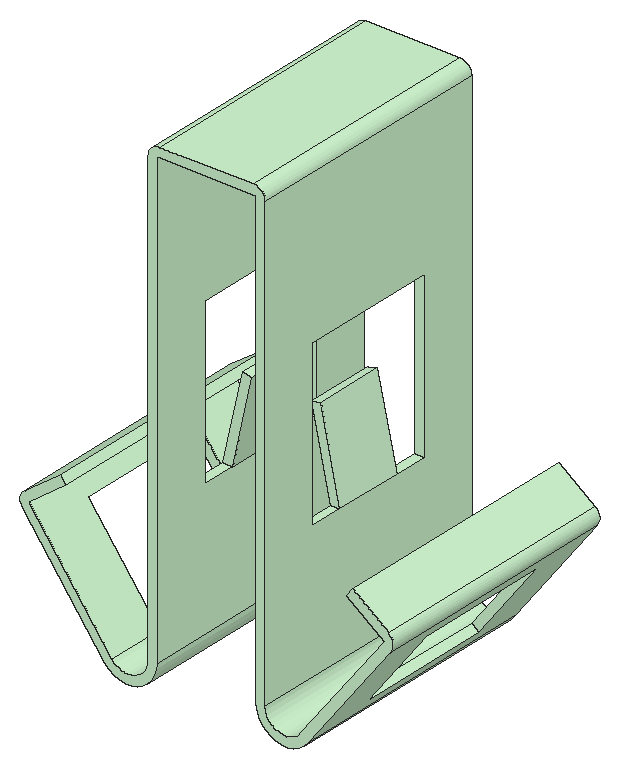
Revit family "メッシュオサエスチール", category 機械設備, Revit 2020
Family settings
  丸型コネクタ寸法 = 直径を使用
  種別 = なし
  パーツ タイプ = 標準
  作業面ベース = いいえ
  常に垂直 = はい
  ロード時にボイドで切り取り = いいえ
  共有 = いいえ
  部屋計算ポイント = いいえ
Parameters
  製造元 = "株式会社桐井製作所"
  既定の高さ = 0 mm
  URL = "https://www.kirii.co.jp/"
  K_品名 = "メッシュオサエスチール"
  K_名称 = "仕上げ材オサエ"
  K_入数 = "800"
  K_バージョン情報 = "20220915"
Reference planes
  plane 1 "中心(正面/背面)": y = 0
  plane 2: z = 0
  plane 3 "中心(左/右)": x = 0
Forms (mm)
  Extrusion 1, solid
    sketch origin (0, 0, 0) x (1, 0, 0) y (0, 0, 1)
      loop
        line (-15.2, -30.24) -> (-12, -27.84) -> (-12.48, -27.2) -> (-15.52, -29.48)
        arc (-15.52, -29.48) -> (-15.91, -30.139) -> (-15.72, -30.88) r 1
        line (-15.72, -30.88) -> (-8.7, -40.24)
        arc (-8.7, -40.24) -> (-5.909, -41.112) -> (-4.2, -38.74) r 2.5
        line (-4.2, -38.74) -> (-4.2, 0) -> (4.2, 0) -> (4.2, -38.74)
        arc (4.2, -38.74) -> (5.909, -41.112) -> (8.7, -40.24) r 2.5
        line (8.7, -40.24) -> (15.72, -30.88)
        arc (15.72, -30.88) -> (15.91, -30.139) -> (15.52, -29.48) r 1
        line (15.52, -29.48) -> (12.48, -27.2) -> (12, -27.84) -> (15.2, -30.24) -> (8.06, -39.76)
        arc (8.06, -39.76) -> (6.162, -40.353) -> (5, -38.74) r 1.7
        line (5, -38.74) -> (5, -0.2)
        arc (5, -0.2) -> (4.707, 0.507) -> (4, 0.8) r 1
        line (4, 0.8) -> (-4, 0.8)
        arc (-4, 0.8) -> (-4.707, 0.507) -> (-5, -0.2) r 1
        line (-5, -0.2) -> (-5, -38.74)
        arc (-5, -38.74) -> (-6.162, -40.353) -> (-8.06, -39.76) r 1.7
        line (-8.06, -39.76) -> (-15.2, -30.24)
    from -11 to 11
  Extrusion 2, void
    sketch origin (0, 0, 0) x (0, 1, 0) y (0, 0, 1)
      loop
        line (6, -13.2) -> (-6, -13.2) -> (-6, -27.2) -> (6, -27.2) -> (6, -13.2)
    from 4.2 to 5
  Extrusion 3, void
    sketch origin (-9.2, 0, 0) x (0, 1, 0) y (0, 0, 1)
      loop
        line (6, -13.2) -> (-6, -13.2) -> (-6, -27.2) -> (6, -27.2) -> (6, -13.2)
    from 4.2 to 5
  Extrusion 4, solid
    sketch origin (0, 0, 0.552) x (1, 0, 0) y (0, 0, 1)
      loop
        line (-5, -27.752) -> (-4.2, -27.752) -> (-2.539, -20.374) -> (-3.32, -20.2) -> (-5, -27.752)
    from -3 to 3
  Extrusion 5, solid
    sketch origin (0, 0, 0.552) x (-1, 0, 0) y (0, 0, -1)
      loop
        line (-5, 27.752) -> (-3.32, 20.2) -> (-2.539, 20.374) -> (-4.2, 27.752) -> (-5, 27.752)
    from -3 to 3
  Extrusion 6, void
    sketch origin (0, 0, 0) x (1, 0, 0) y (0, 0, 1)
      loop
        line (9.66, -38.96) -> (14.76, -32.16) -> (14.12, -31.68) -> (9.02, -38.48) -> (9.66, -38.96)
    from -6 to 6
  Extrusion 7, void
    sketch origin (0, 0, 0) x (-1, 0, 0) y (0, 0, -1)
      loop
        line (9.66, 38.96) -> (9.02, 38.48) -> (14.12, 31.68) -> (14.76, 32.16) -> (9.66, 38.96)
    from -6 to 6
Cuts and joins
  Extrusion 2, Extrusion 3, Extrusion 6, Extrusion 7 cuts Extrusion 1
  Extrusion 6, Extrusion 7 cuts Extrusion 4
  Extrusion 6, Extrusion 7 cuts Extrusion 5
  joined: Extrusion 1, Extrusion 4, Extrusion 5
Dimensions and locks
  aligned and locked: level to plane 2
